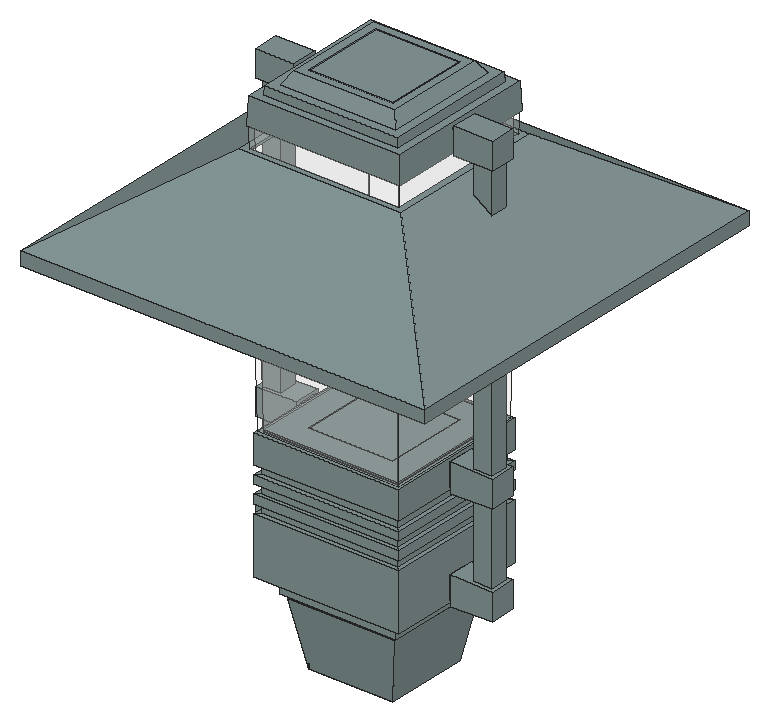
Revit family "PKWM", category Lighting Fixtures, host Face, Revit 2021 (continued)
Definition of nested family "Web PKWM"
  Parameters
    built-in parameter 1150139 = (empty or 0)
    built-in parameter 1150112 = 1 (stored number, unit not read)
    built-in parameter 1150114 = 1 (stored number, unit not read)
    Lamp = ""
    built-in parameter 1150132 = (empty or 0)
    built-in parameter 1150102 = (empty or 0)
    built-in parameter 1150107 = 3000 (stored number, unit not read)
    built-in parameter 1150138 = (empty or 0)
    built-in parameter 1150106 = 1.5518 (stored number, unit not read)
    Emit from Line Length = 1.000"
    built-in parameter 1150104 = 7.5484 (stored number, unit not read)
    Dimming Lamp Color Temperature Shift = (empty or 0)
    Description = ""
    Default Elevation = 48.000"
    Color Filter = 16777215
    built-in parameter 1114218 = 1 (stored number, unit not read)
    built-in parameter 1150133 = 10 (stored number, unit not read)
  Reference planes (in)
    plane 1 "Center (Front/Back)": y = 0.03999
    plane 2: z = 0
    plane 3 "Center (Left/Right)": x = -0.23896
  Forms (in)
    Extrusion 1, solid
      sketch origin (0, 0, 0.06357) x (1, 0, 0) y (0, 1, 0)
        loop
          line (-48, 48) -> (-48, -48) -> (48, -48) -> (48, 48) -> (-48, 48)
      from -0.06357 to -6.06357
  Lines and regions (in)
    reference lines
      curve 1: line (-0.23896, 0.03999, 18.11448) -> (-0.23896, 0.03999, -22.88552)
      curve 2: line (-0.23896, 0.03999, 34) -> (-0.23896, 0.03999, -22.88552)
      curve 3: line (-0.23896, 29.03999, 0) -> (-0.23896, -29.96001, 0)
      curve 4: line (-37.23896, 0.03999, 0) -> (40.76104, 0.03999, 0)
  Dimensions and locks (in)
    aligned and locked: plane 2 to Extrusion 1
    aligned and locked: level to Extrusion 1
    aligned and locked: plane 3 "Center (Left/Right)" to imposter light
    aligned and locked: imposter light to plane 1 "Center (Front/Back)"
    aligned and locked: curve 1 to plane 3 "Center (Left/Right)"
    aligned and locked: plane 1 "Center (Front/Back)" to curve 2
    aligned and locked: curve 3 to plane 3 "Center (Left/Right)"
    aligned and locked: plane 1 "Center (Front/Back)" to curve 4
Types (14): name | Photometric Web | Finish
  (no name) | Web PKWM : PKWM-STR-Y3VC-32LED-3K-525 | Aluminum-Antique Green
  PKWM- ATG | Web PKWM : PKWM-STR-Y3VC-32LED-3K-525 | Aluminum-Antique Green
  PKWM- AWT | Web PKWM : PKWM-STR-Y3VC-32LED-3K-525 | Aluminum-Artic White
  PKWM- BLK | Web PKWM : PKWM-STR-Y3VC-32LED-3K-525 | Aluminum-Black
  PKWM- MTB | Web PKWM : PKWM-STR-Y3VC-32LED-3K-525 | Aluminum-Matte Black
  PKWM- DGN | Web PKWM : PKWM-STR-Y3VC-32LED-3K-525 | Aluminum-Dark Green
  PKWM- DBZ | Web PKWM : PKWM-STR-Y3VC-32LED-3K-525 | Aluminum-Dark Bronze
  PKWM- WRZ | Web PKWM : PKWM-STR-Y3VC-32LED-3K-525 | Aluminum-Weathered Bronze
  PKWM- BRM | Web PKWM : PKWM-STR-Y3VD-32LED-4K-525 | Aluminum-Metalic Bronze
  PKWM- VBL | Web PKWM : PKWM-STR-Y3VC-32LED-3K-525 | Aluminum-Verde Blue
  PKWM- CRT | Web PKWM : PKWM-STR-Y3VC-32LED-3K-525 | Aluminum-Corten
  PKWM- MAL | Web PKWM : PKWM-STR-Y3VC-32LED-3K-525 | Aluminum-Matte
  PKWM- MDG | Web PKWM : PKWM-STR-Y3VC-32LED-3K-525 | Aluminum-Medium Grey
  PKWM- LGY | Web PKWM : PKWM-STR-Y3VC-32LED-3K-525 | Aluminum-Light Grey
